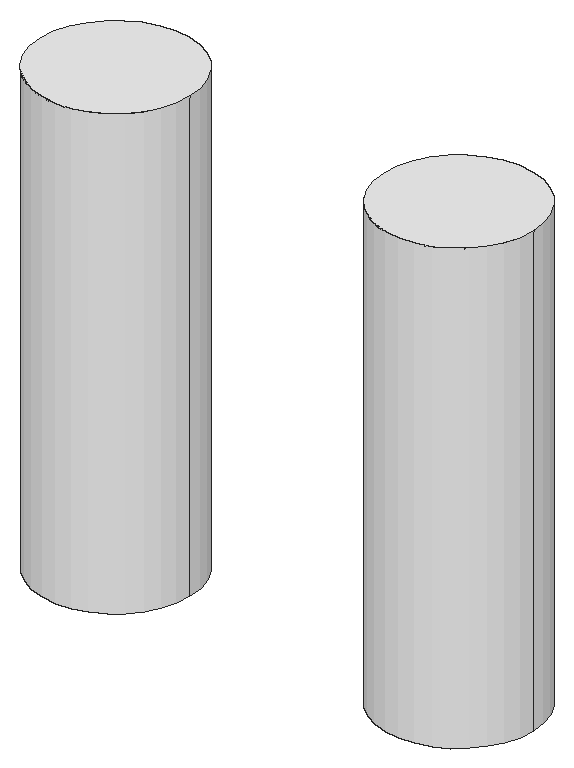
Revit family "46022206", category Plumbing Fixtures, Revit 2020
Family settings
  Round Connector Dimension = Use Diameter
  Part Type = Normal
  OmniClass Number = 23.45.55.00
  OmniClass Title = Sanitary Faucets, Wastes
  Work Plane-Based = No
  Always vertical = Yes
  Cut with Voids When Loaded = No
  Shared = No
  Room Calculation Point = No
Parameters (values of type "46022206 Washbasin faucet")
  Working Pressure = "50 - 1000 kPa"
  WarrantyStartDate [instance] = "n/a"
  WarrantyGuarantorParts = "n/a"
  WarrantyGuarantorLabor = "n/a"
  WarrantyDurationUnit = "Year"
  WarrantyDurationParts = "n/a"
  WarrantyDurationLabor = "n/a"
  WarrantyDescription = "http://warranty.hansa.com"
  Warranty Information URL = "http://warranty.hansa.com"
  VersionDate = "01/06/2023"
  Version = "1"
  ValvePattern = "n/a"
  ValveOperation = "n/a"
  ValveMechanism = "n/a"
  Uniclass2015Reference = "Pr_40_20_87_96"
  Uniclass2015Description = "Washbasin manual water supply sets"
  Uniclass2 = "Pr_40_30_96_96"
  URL REACH = "http://static.hansa.com/doc/reach"
  URL Materials Declaration = "http://www.hansa.com/fileadmin/resources/182405_46022206_materialsdeclaration.pdf"
  URL Environmental Product Declaration EPD = "http://www.hansa.com/fileadmin/resources/184523_EPD_Washbasin faucet.pdf"
  URL EcoLabel Declaration = "http://static.hansa.com/doc/EcoLabel"
  URL EU Packaging Declaration = "http://static.hansa.com/doc/packaging"
  URL Declaration of SCIP = "http://static.hansa.com/doc/SCIP"
  URL Declaration of Conformity = "http://static.hansa.com/DoC/46022206"
  URL Declaration of Asbestos = "http://static.hansa.com/doc/asbestos"
  URL Declaration Of Performance (DOP) = "http://static.hansa.com/doc/DoP"
  URL DVGW = "http://static.hansa.com/DVGW/46022206"
  URL ABP = "http://static.hansa.com/ABP/46022206"
  URL = ""
  UNSPSC Class Number = "30181700 Faucets or taps"
  TestPressure = "n/a"
  Temperature Adjustments = "Limitation option for maximum temperature and flow-rate ;Adjustable hot water stop (included, retrofittable)"
  Technical DataSheet URL = "http://www.hansa.com/datasheet/46022206/en"
  TagNumber [instance] = "n/a"
  SustainabilityPerformance = "n/a"
  Surface treatment = "Chrome"
  Spout Type = "Fixed spout"
  Spout Projection = "114 mm"
  Spare-Part Information URL = "http://static.hansa.com/sp/46022206"
  Size = "50x152x178 mm"
  Shape = "Sculptured"
  SerialNumber [instance] = "n/a"
  Sales Package dimensions (LxWxH) = "380 x 180 x 74"
  Revision = "n/a"
  ReplacementCost = "n/a"
  ProductInformation = "n/a"
  Product URL = "http://static.hansa.com/46022206"
  Product Image URL = "http://static.hansa.com/image/46022206"
  Product Family = "HANSACARE "
  Product Code = "46022206"
  Pressure Loss With Flow 01ls = 200000.0 Pa
  OperatingMechanismMaterial = "n/a"
  NominalWidth = 49.474 mm
  NominalHeight = 177.6 mm
  NominalDepth = 152.061 mm
  Noise Class = "I (ISO 3822)"
  Name_en = "46022206 Washbasin faucet"
  Name = "46022206 Washbasin faucet"
  NBSReference = "45-35-70/371"
  NBSDescription = "Water supply fittings for wash basins and troughs"
  Mounting Holes = "1 hole"
  ModelReference = "46022206"
  ModelNumber = "n/a"
  Model = "46022206 Washbasin faucet"
  Mobile Product Information URL = "http://mpi.hansa.com/46022206"
  Mechanical Parts = "ø 40 mm ceramic cartridge for flow and temperature control"
  Max. Hot Water Supply = 70 °C
  Material = "Brass"
  Market = "International;Germany;Austria;Belgium;Netherlands;France;Czech Republic;Slovakia;Italy;Spain"
  ManufacturerURL = "http://www.hansa.com"
  ManufacturerName = "HANSA"
  Manufacturer = "HANSA"
  Lever Handle = "Long shape;Single operating lever/handle;Hot/Cold symbols"
  Interactive AR View URL = "https://static.hansa.com/AR/46022206"
  InstallationDate [instance] = "n/a"
  Installation and Maintenance Guide URL = "http://static.hansa.com/manual/46022206"
  Installation Type = "Deck mounted"
  InletConnectionSize = 10 mm
  IfcExportType = "FAUCET"  # constant formula
  IfcExportAs = "IfcValveType"  # constant formula
  Group = "Washbasin faucet"
  Grade = "n/a"
  FlowCoefficient = 0
  Flow Rate At 300kPa With Flow Controller = 0.01 L/s
  Flow Drawing URL = "http://static.hansa.com/flowchart/46022206"
  Finish = "Polished"
  Features = "Single-lever"
  FaucetMainMaterial = Brass
  FDV Document URL = "http://www.hansa.com/datasheet/46022206/en/fdv"
  ExpectedLife = "n/a"
  Excluded Items = "Without pop-up waste;Without draw-rod opening"
  ETIM Class Number = "EC011328 Washbasin mixing tap"
  EN Standard = "EN 817"
  EAN Number = "4057304010750"
  DurationUnit = "Year"
  Dimension Drawing URL = "http://static.hansa.com/dimdrw/46022206"
  Description = ""
  DefaultElevation [instance] = 900 mm
  Default Elevation = 0 mm
  Constituents = "n/a"
  Connection Size = "G3/8"
  Connection = "Flexible inlet pipes"
  Color = "Chrome"
  CodePerformance = "n/a"
  CloseOffRating = 0
  Category = "Washbasin"
  Catalog Drawing URL = "http://static.hansa.com/catdrw/46022206"
  CO2 Emissions (D) = -6.23
  CO2 Emissions (C4) = 0.07
  CO2 Emissions (C3) = 0.02
  CO2 Emissions (C2) = 0.02
  CO2 Emissions (B7) = 1854
  CO2 Emissions (A4) = 0.24
  CO2 Emissions (A1-A3) = 8.76
  Brand = "HANSA"
  BodyMaterial = "Brass"
  Barcode [instance] = "n/a"
  Backflow Prevention EN1717 = "AA"
  BIMObjectName = "46022206"
  Author = "BIMStone"
  AssetType = "Fixed"
  AssetIdentifier [instance] = "n/a"
  Approval DVGW = "DW-6506CS0581"
  Approval ABP = "P-IX 29684/IA"
  Aerator = "PCA® - constant flow rate regardless of pressure variations;Standard aerator"
  Advanced Features = "Inner body made of DZR brass;3S-installation system for safe and simple mounting"
  AccessibilityPerformance = "n/a"
  3D View = "https://static.hansa.com/AR/46022206"
  2D/3D/BIM Files URL = "http://static.hansa.com/bim/46022206"
Reference planes
  plane 1 "Center (Front/Back)": y = 0
  plane 2: z = 0
  plane 3 "Center (Left/Right)": x = 0
  plane 4: x = -24.737
  plane 5: z = 900
  plane 6: z = 870
  plane 7: y = -152.061
  plane 8: x = 24.737
  plane 9: z = 1077.6
Forms (mm)
  Extrusion 1, solid, material "Brass" <- "FaucetMainMaterial"
    sketch origin (-44.989, 11.892, 0) x (1, 0, 0) y (0, 1, 0)
      loop
        circle (33.489, -36) r 5
      loop
        circle (56.489, -36) r 5
    from 870 to 900
Dimensions and locks
  "DefaultElevation": plane 5 to level
  locked: plane 5 to plane 6 at 30
  "NominalDepth": plane 7 to plane 1 "Center (Front/Back)"
  "NominalHeight": plane 9 to plane 5
  equal spacing: plane 4, plane 3 "Center (Left/Right)", plane 8
  "NominalWidth": plane 4 to plane 8
  "InletConnectionSize": diameter of Extrusion 1 sketch curve  (x2)
  aligned and locked: level to plane 2
  aligned and locked: plane 5 to Extrusion 1
  aligned and locked: Extrusion 1 to plane 6
  aligned and locked: nested 2 to plane 5
Automatic sketch dimensions
  Extrusion 1 sketch curve to plane 3 "Center (Left/Right)" = 11.5 mm
  plane 3 "Center (Left/Right)" to Extrusion 1 sketch curve = 11.5 mm
  plane 1 "Center (Front/Back)" to Extrusion 1 sketch curve = 24.108 mm  (x2)
Nested families
  nested 1: "Symbol" at (0, 0, 0), type "Symbol", detail levels coarse
  nested 2: "46022206_p" at (0, 0, 900), Main <- "FaucetMainMaterial", type "46022206_p"
    with Main Brass
Connectors
  piping at (-11.5, -24.108, 870), diameter 10, driven by "InletConnectionSize"
    settings: on Extrusion 1, index 1, connector inside diameter 609.6 mm, connector length 0 mm, flow factor 0, pipe flow 0.1 L/s, pressure drop 0.0 Pa, fitting loss kfactor 0, connector angle 0.00°, fixture units 0, engagement length 0 mm, angle of deflection 0.00°, flow configuration 1, flow direction 1, fitting loss method 0, system type 19, joint type 0, gender type 0, connector reference index -1, connector utility 0, adjustable connector no, is connector primary yes, connector description ""
  piping at (11.5, -24.108, 870), diameter 10, driven by "InletConnectionSize"
    settings: on Extrusion 1, index 2, connector inside diameter 609.6 mm, connector length 0 mm, flow factor 0, pipe flow 0.1 L/s, pressure drop 0.0 Pa, fitting loss kfactor 0, connector angle 0.00°, fixture units 0, engagement length 0 mm, angle of deflection 0.00°, flow configuration 1, flow direction 1, fitting loss method 0, system type 20, joint type 0, gender type 0, connector reference index -1, connector utility 0, adjustable connector no, is connector primary no, connector description ""
Definition of nested family "Symbol"
  Reference planes
    plane 1: y = 0
    plane 2: x = 0
  Lines and regions (mm)
    detail lines
      curve 1: line (0, 0, 0) -> (0, -1.8, 0)
      curve 2: line (-0.4, -1.1, 0) -> (0.4, -1.1, 0)
      curve 3: line (-0.4, -1.4, 0) -> (0.4, -1.4, 0)
      curve 4: line (0.863, 0, 0) -> (-0.863, 0, 0)
      curve 5: circle (-1.163, 0, 0) r 0.3 normal (0, 0, -1)
      curve 6: circle (1.163, 0, 0) r 0.3 normal (0, 0, 1)
